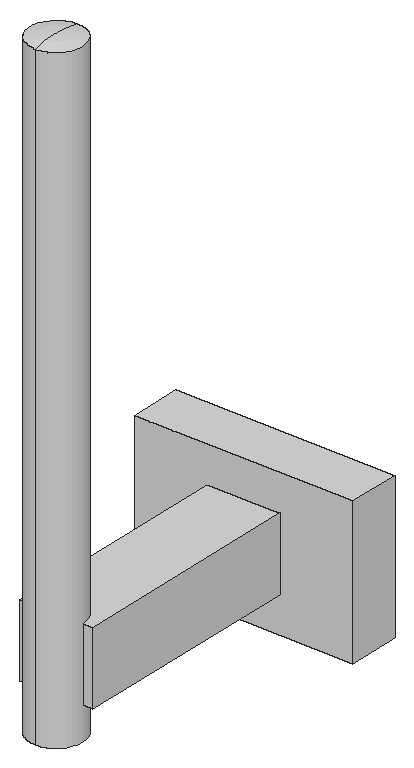
Revit family "Reece_Accessory_GROHE_Essentials Cube_Spare Toilet Roll Holder", category Plumbing Fixtures, Revit 2018
Family settings
  Round Connector Dimension = Use Diameter
  Part Type = Normal
  Work Plane-Based = Yes
  Always vertical = Yes
  Cut with Voids When Loaded = Yes
  Shared = Yes
  Room Calculation Point = Yes
Parameters
  URL = "https://www.reece.com.au/product/-9506980"
  Type Comments = "Accessory"
  Reece_Product_Web Page = "https://www.reece.com.au/product/-9506980"
  Reece_Product_Type = "Accessory"  # constant formula
  Reece_Product_Sub Brand = "Essentials Cube"  # constant formula
  Reece_Product_Number = "9506980"
  Reece_Product_Mount = "Wall Mounted"
  Reece_Product_Description = "GROHE Essentials Cube Accessories Spare Toilet Roll Holder"
  Reece_Product_Brand = "GROHE"  # constant formula
  Reece_Overall_Width = 42 mm  # constant formula
  Reece_Overall_Height = 121 mm  # constant formula
  Reece_Material_Main = Reece_Brass_Chrome
  Reece_Height_From_Level [instance] = 1000 mm
  Reece_Detail_Shape = ""
  Reece_Detail_Installation = ""
  Reece_Detail_Disclaimer = "THIS FILE IS THE PROPERTY OF THE REECE GROUP. IT MAY NOT BE REPRODUCED, REVERSE-ENGINEERED OR MODIFIED. ANY REPUBLICATION, TRANSMISSION OR DISTRIBUTION FOR THE PURPOSE OF COMMERCIALLY EXPLOITING THE FILES IS PROHIBITED."  # constant formula
  Reece_Detail_Connector = ""
  Reece_Detail_Additional = ""
  Reece_Accessory_Projection = 60 mm  # constant formula
  Model = "Essentials Cube"
  Manufacturer = "GROHE"
  Keynote = "Product #9506980, Reece_Accessory_GROHE_Essentials Cube_Spare Toilet Roll Holder -  "
  Disclaimer = "THIS FILE IS THE PROPERTY OF THE REECE GROUP. IT MAY NOT BE REPRODUCED, REVERSE-ENGINEERED OR MODIFIED. ANY REPUBLICATION, TRANSMISSION OR DISTRIBUTION FOR THE PURPOSE OF COMMERCIALLY EXPLOITING THE FILES IS PROHIBITED."  # constant formula
  Description = "GROHE Essentials Cube Accessories Spare Toilet Roll Holder"
  Default Elevation = 0 mm
Types (2, lengths in mm): name | Keynote
  (no name) | "Product #9506980, Reece_Accessory_GROHE_Essentials Cube_Spare Toilet Roll Holder -  "
  Chrome | "Product #9506980, Reece_Accessory_GROHE_Essentials Cube_Spare Toilet Roll Holder - Chrome"
Reference planes
  plane 1 "Center (Front/Back)": y = 0
  plane 2 "Bottom Host Plane": z = -5
  plane 3 "Center (Left/Right)": x = 0
  plane 4 "Fixing Point": z = 1000
  plane 5: y = -60
  plane 6: z = 986.015
  plane 7: z = 1107.015
  plane 8: x = 21
  plane 9: x = -21
Forms (mm)
  Extrusion 1, solid, material "Reece_Brass_Chrome" <- "Reece_Material_Main"
    sketch origin (0, 0, 1000) x (0, -1, 0) y (1, 0, 0)
      loop
        line (0, -21) -> (10, -21) -> (10, 21) -> (0, 21) -> (0, -21)
    from -13.985 to 14
  Extrusion 2, solid, material "Reece_Brass_Chrome" <- "Reece_Material_Main"
    sketch origin (0, 0, 1000) x (0, -1, 0) y (1, 0, 0)
      loop
        line (10, 0) -> (10, -7) -> (55, -7) -> (55, 7) -> (10, 7) -> (10, 0)
    from -7 to 7
  Revolve 3, solid, material "Reece_Brass_Chrome" <- "Reece_Material_Main"
    sketch origin (0, -5, -0.007) x (0, 1, 0) y (0, 0, 1)
      loop
        line (-50, 986.005) -> (-50, 1107.023)
        arc (-50, 1107.023) -> (-52.521, 1106.851) -> (-55, 1106.362) r 20
        line (-55, 1106.362) -> (-55, 986.64)
        arc (-55, 986.64) -> (-52.52, 986.164) -> (-50, 986.005) r 20
      axis (-50, 986.005) -> (-50, 1107.023)
    angle from 0 to 360
Cuts and joins
  joined: Extrusion 1, Extrusion 2, Revolve 3
Lines and regions (mm)
  model lines, style "InvisibleLines"
    curve 1: line (0, 0, -5) -> (0, 0, 1000)
Text (mm)
  text "Reece ©" at (2559.825, -2336.385, 3120.603), in view "Reece Preview"
  text "Reece ©" at (110.316, -94.562, -1020.679), in view "Ref. Level"
Dimensions and locks
  locked: plane 2 "Bottom Host Plane" to level at 5
  "Reece_Height_From_Level": plane 4 "Fixing Point" to level
  "Reece_Accessory_Projection": plane 1 "Center (Front/Back)" to plane 5
  "Reece_Overall_Height": plane 7 to plane 6
  "Reece_Overall_Width": plane 9 to plane 8
  locked: plane 6 to plane 4 "Fixing Point" at 13.985
  aligned and locked: plane 4 "Fixing Point" to curve 1
  aligned and locked: plane 3 "Center (Left/Right)" to curve 1
Automatic sketch dimensions
  curve 1 to plane 2 "Bottom Host Plane" = 0 mm
  Extrusion 2 sketch curve to plane 3 "Center (Left/Right)" = 0 mm
  plane 1 "Center (Front/Back)" to Extrusion 2 sketch curve = 10 mm
  Extrusion 2 sketch curve to plane 3 "Center (Left/Right)" = 7 mm
  Extrusion 2 sketch curve to Extrusion 2 sketch curve = 45 mm
  Extrusion 2 sketch curve to Extrusion 2 sketch curve = 7 mm
  plane 1 "Center (Front/Back)" to Extrusion 1 sketch curve = 0 mm
  plane 1 "Center (Front/Back)" to Extrusion 1 sketch curve = 10 mm
  Extrusion 1 sketch curve to plane 3 "Center (Left/Right)" = 21 mm
  plane 3 "Center (Left/Right)" to Extrusion 1 sketch curve = 21 mm
  plane 1 "Center (Front/Back)" to Revolve 3 sketch curve = 60 mm
  Revolve 3 sketch curve to Revolve 3 sketch curve = 5 mm
  Revolve 3 sketch curve to plane 4 "Fixing Point" = 5.997 mm
  Revolve 3 sketch curve to Revolve 3 sketch curve = 0 mm
  Revolve 3 sketch curve to Revolve 3 sketch curve = 36.508 mm
  Revolve 3 sketch curve to Revolve 3 sketch curve = 6.78 mm
  plane 4 "Fixing Point" to Revolve 3 sketch curve = 13.367 mm
  plane 5 to Revolve 3 sketch curve = 5.1 mm
  Revolve 3 sketch curve to Revolve 3 sketch curve = 81.018 mm
  Revolve 3 sketch curve to Revolve 3 sketch curve = 19.339 mm
